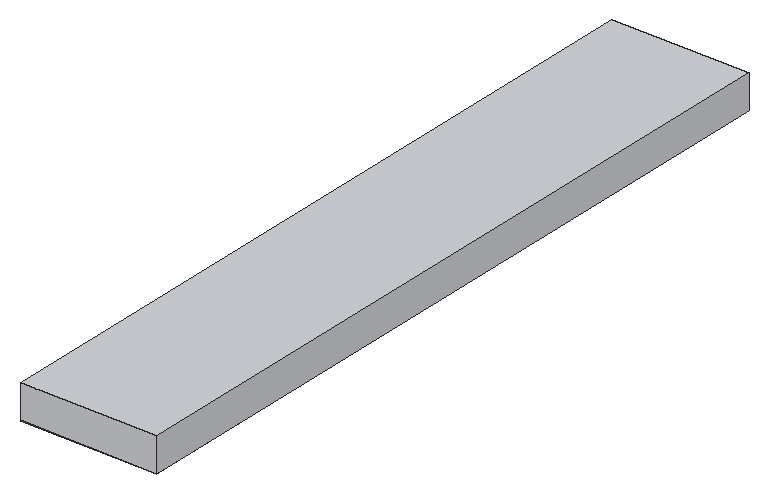
Revit family "ERK9584W_RAD768N", category 照明器具, Revit 2020
Family settings
  丸型コネクタ寸法 = 直径を使用
  パーツ タイプ = 標準
  OmniClass 番号 = 23.80.70.11.14.17
  OmniClass タイトル = Direct/Indirect
  作業面ベース = いいえ
  常に垂直 = はい
  ロード時にボイドで切り取り = はい
  光源 = はい
  共有 = いいえ
  部屋計算ポイント = いいえ
Parameters (values of type "ERK9584W_RAD768N")
  電源種別_記号 = "AC"
  電源種別 = ""
  防災用照明器具電源種別 = ""
  防災用照明器具種類 = ""
  運転質量 = 0.00 kg
  質量 = 0.00 kg
  負荷分類 = 8_照明
  積算_科目2 = "[1_1]照明"
  説明 = "ベースライト 逆富士 40Wタイプ W+230"
  誘導灯形式 = ""
  誘導灯仕様 = ""
  認定番号 = ""
  設置方法 = ""
  記号 = ""
  製造元 = "株式会社遠藤照明"
  製品質量 = 0.00 kg
  製品出荷対象 = ""
  製品リリース年月 = "2023.04"
  製品グループ = ""
  背面形式 = ""
  系統 [instance] = ""
  符号 = ""
  積算_科目 = "1 電灯設備"
  積算_拾い区分 = ""
  種別 [instance] = ""
  相 = 1
  皮相負荷 = 0 VA
  用途 = "E_一般照明"
  特殊仕様 [instance] = ""
  照明制御装置の種類 = ""
  法定耐用年数 = ""
  極数 = 1
  材質_本体 = none
  材質_反射板 = none
  材質_ルーバー = none
  材質_カバー = none
  材質 = ""
  既定の高さ = 0 mm
  形式 = "ベースライト"
  平均演色評価数(Ra) = 82
  定格消費電力 = 15.4 W
  定格入力電流 = 0 A
  定格入力電圧 = 0 V
  定格入力容量 = 0 VA
  定格光束 = 2540 lm
  安定器_蛍光灯 = ""
  安定器_定格電圧 = 0 V
  安定器_入力電流 = 0 A
  安定器_入力電力 = 0 W
  安定器_二次電圧 = 0 V
  埋込高さ = "0"
  埋込穴寸法 = "0"
  固有エネルギー消費効率(lm/W) = 164.9
  器具サイズ = ""
  呼称 = "ベースライト"
  周波数 = 0 Hz
  参照している仕様書等のバージョン = ""
  分類コード = "40305100000000"
  分類グループ = ""
  公共型番 = "LSS10-4-23"
  傾斜角 = 90.00°
  価格 = 23450
  企業コード = "6932"
  付属品 = ""
  仕様書バージョン = ""
  仕様 = ""
  Wattage = 17.0995 W
  built-in parameter 1150110 = 1 (stored number, unit not read)
  built-in parameter 1114217 = 1 (stored number, unit not read)
  built-in parameter 1150109 = 1 (stored number, unit not read)
  built-in parameter 1150134 = 2
  ランプの種類 = "LED"
  ランプ_電流 = 0 A
  ランプ_本数 = 0
  ランプ_定格消費電力 = 0 W
  ランプ_定格消費効率(lm/W) = 0
  ランプ_大きさ = ""
  ランプ_全光束 = 0 lm
  ランプ = "LED"
  モデル = "ERK9584W_RAD768N"
  フォトメトリック Web ファイル = "ERK9584W_RAD768N.IES"
  イメージ(タイプ) = <なし>
  シンボル表示 = yes
  built-in parameter 1150113 = 1 (stored number, unit not read)
  Lumens = 2540 lm
  built-in parameter 1150115 = 1 (stored number, unit not read)
  built-in parameter 1150105 = 202.13 (stored number, unit not read)
  built-in parameter 1150137 = (empty or 0)
  built-in parameter 1150139 = (empty or 0)
  built-in parameter 1150112 = 1 (stored number, unit not read)
  built-in parameter 1150114 = 1 (stored number, unit not read)
  built-in parameter 1150132 = 2
  built-in parameter 1150102 = (empty or 0)
  built-in parameter 1150138 = (empty or 0)
  built-in parameter 1150107 = 5000 (stored number, unit not read)
  built-in parameter 1150106 = 2.0213 (stored number, unit not read)
  built-in parameter 1150104 = 13.8 (stored number, unit not read)
  Dimming Lamp Color Temperature Shift = (empty or 0)
  サービススペース表示 = no
  コメント = ""
  グレア分類 = ""
  Keynote = ""
  Color Filter = 16777215
  built-in parameter 1114218 = 1 (stored number, unit not read)
  built-in parameter 1150133 = 10 (stored number, unit not read)
  カバー形状 = ""
  built-in parameter 1150142 = "IESNA:LM-63-2002\r\n[TEST] ERK9584W_RAD768N  HEC0K01(update:11111111)\r\n[MANUFAC] ENDO LIGHTING CORP.\r\n[LUMCAT] ERK9584W_RAD768N\r\n[LAMP] 40W2500lmÀ²Ìß_SD??°½Þ_5000K 5000K\r\n[LAMPCAT] 40W2500lmÀ²??_SD¼Ø°??_5000K 2589 lm x1 5000K\r\nTILT=NONE\r\n1 2589 1.0 37 19 1 2 0 0 0\r\n1 1 0\r\n0 5 10 15 20 25 30 35 40 45 50 55 60 65 70 75 80 85 90 95 100 105 110 115 120 125 130 135 140 145 150 155 160 165 170 175 180 \r\n0 5 10 15 20 25 30 35 40 45 50 55 60 65 70 75 80 85 90 \r\n785.7506 785.2323 775.7991 760.0427 738.2739 710.7519 678.2023 640.7288 598.2278 552.306 503.8237 452.4182 399.8569 347.6376 297.2325 248.6569 203.9945 164.5723\r\n131.1882 104.1742 83.4005 68.7635 55.9148 42.3305 25.7888 11.3716 2.0746 1.8175 1.7703 2.0195 2.0955 2.2266 2.1296 2.2004 2.3473 2.5021\r\n2.6174\r\n785.7506 784.8177 775.3845 759.628 737.7556 710.4927 677.684 640.1587 597.9687 551.684 503.0359 451.76 399.3075 347.0208 296.5587 247.9779 203.3104 163.8933\r\n130.5144 103.5574 82.877 68.2815 55.4949 41.8583 25.385 11.0482 2.0051 1.807 1.7729 2.0116 2.0969 2.2293 2.1296 2.2057 2.3525 2.5047\r\n2.607\r\n785.7506 784.2994 774.607 759.0061 736.9781 709.5598 676.751 639.1221 596.7765 550.5956 501.8541 450.4486 397.7215 345.2793 294.672 245.9669 201.2009 161.8045\r\n128.5086 101.7174 81.3013 66.9028 54.2458 40.4947 24.2049 10.0935 1.8254 1.7821 1.7756 1.9985 2.0982 2.2306 2.1309 2.2201 2.3617 2.5021\r\n2.586\r\n785.7506 783.781 774.0887 758.1768 736.1488 708.3676 675.6108 637.8263 595.2216 548.8852 499.8898 448.2199 395.2802 342.5531 291.6296 242.6653 197.749 158.3578\r\n125.1914 98.6905 78.7046 64.6586 52.1881 38.2913 22.3218 8.5655 1.6051 1.7572 1.7887 1.9801 2.0969 2.2319 2.1336 2.2345 2.3709 2.4902\r\n2.5702\r\n785.7506 783.2627 773.6741 757.5548 735.2677 707.5902 674.4187 636.2714 593.5112 546.5528 497.2671 445.2034 391.9216 338.8109 287.4987 238.1249 193.0013 153.5686\r\n120.6044 94.5181 75.1802 61.5902 49.3463 35.1836 19.7749 6.6193 1.4844 1.7427 1.8201 1.9683 2.0982 2.2359 2.1401 2.2476 2.3722 2.4811\r\n2.5623\r\n785.7506 782.3298 772.482 756.259 733.8164 706.0353 672.4491 634.4055 591.2825 544.1686 494.3802 441.7929 387.7804 334.1202 282.3208 232.4754 187.0252 147.5096\r\n114.8046 89.2988 70.7953 57.734 45.7793 31.315 16.6656 4.6029 1.4975 1.7336 1.8582 1.967 2.11 2.2398 2.1454 2.2582 2.3683 2.4732\r\n2.5571\r\n785.7506 781.3968 771.4454 754.9115 732.106 703.9102 670.0649 631.6585 588.2245 541.0587 490.9697 437.859 383.1623 328.6625 276.1167 225.7323 179.8623 140.2741\r\n107.937 83.1361 65.633 53.1988 41.4255 26.7777 13.0908 2.7355 1.5225 1.7336 1.8988 1.971 2.1231 2.249 2.148 2.2607 2.367 2.468\r\n2.5585\r\n785.7506 780.7749 770.7716 754.0303 730.8103 702.0962 667.7325 628.6523 584.8555 537.2233 486.7715 433.4016 378.0777 322.7642 269.2181 218.0095 171.6264 131.9346\r\n100.0018 76.1079 59.8487 48.0215 36.3244 21.7947 9.1087 1.6825 1.5461 1.7415 1.9356 1.9814 2.1362 2.2607 2.1519 2.2607 2.367 2.4667\r\n2.5598\r\n785.7506 780.8785 770.6679 753.8748 730.1365 700.7486 665.763 626.009 581.6939 533.4397 482.4488 428.1563 372.3971 316.389 261.8996 209.6182 162.5664 122.7139\r\n91.2684 68.4629 53.5772 42.3564 30.4629 16.6148 5.172 1.4136 1.5683 1.7651 1.9631 2.0011 2.1506 2.2686 2.1571 2.2594 2.3631 2.468\r\n2.561\r\n785.7506 781.034 770.5124 753.4602 729.4627 699.6083 664.0526 623.9357 578.7914 529.9152 477.9862 423.0407 366.2862 309.4126 254.0058 200.61 152.7031 112.6277\r\n81.7471 60.2685 46.9201 36.2456 23.8928 11.3167 2.3408 1.449 1.6024 1.7913 1.9958 2.0195 2.1637 2.2778 2.1664 2.2582 2.3656 2.4706\r\n2.561\r\n785.7506 781.1377 770.4088 753.201 728.6852 698.4162 662.4976 621.707 576.0443 526.598 474.187 418.1893 360.4501 302.4103 245.8632 191.2857 142.2799 101.9558\r\n71.7438 51.8616 39.9831 29.7284 17.2181 5.9926 1.4202 1.474 1.6378 1.8162 2.0339 2.0405 2.1742 2.2883 2.1742 2.2594 2.3656 2.4745\r\n2.5585\r\n785.7506 780.8785 770.2533 752.8382 728.3224 697.3796 660.8909 619.4783 573.2973 523.3327 470.2531 413.8615 355.1012 295.6827 237.6792 181.6349 131.3955 90.7034\r\n61.2896 43.3137 32.7838 22.5287 10.8445 2.1637 1.4189 1.5094 1.6641 1.8438 2.0693 2.068 2.1821 2.3001 2.1834 2.2621 2.3683 2.4784\r\n2.5598\r\n785.7506 780.6194 769.4758 751.9053 727.1303 695.7728 658.9213 617.2496 570.654 520.0674 466.3191 409.5336 349.8819 289.3231 229.775 172.0618 120.3038 79.0467\r\n50.6446 34.8819 25.4664 14.923 4.8651 1.4687 1.453 1.5579 1.6877 1.8778 2.1086 2.0982 2.1899 2.3119 2.1912 2.266 2.367 2.4811\r\n2.5585\r\n785.7506 781.1377 770.2533 751.9053 726.8711 695.41 657.9884 615.7983 568.5807 517.7195 463.3026 405.864 345.4607 283.8913 222.8246 163.1573 109.549 67.3745\r\n40.0878 26.843 18.1096 8.0254 1.731 1.4687 1.4988 1.5933 1.7152 1.9133 2.1388 2.1296 2.1991 2.325 2.2004 2.2726 2.3709 2.4824\r\n2.561\r\n785.7506 782.7444 771.6009 753.0974 727.6486 695.9283 657.9884 615.1246 567.285 515.7551 460.9391 402.7179 341.8171 279.2887 216.8589 155.1702 99.3332 55.8733\r\n29.8067 19.211 10.504 2.5178 1.6261 1.4949 1.5369 1.6365 1.752 1.9447 2.1637 2.1611 2.2122 2.3368 2.2096 2.2791 2.3735 2.4837\r\n2.561\r\n785.7506 783.0036 771.7045 753.0974 727.3894 695.6692 657.9884 615.1246 567.0258 515.0968 459.6278 400.484 338.8264 275.4481 211.9142 148.3908 90.0244 44.8484\r\n20.0506 11.8676 3.9865 1.7048 1.6392 1.5081 1.5893 1.6719 1.769 1.9723 2.1834 2.1912 2.2332 2.3499 2.2188 2.287 2.3775 2.485\r\n2.5623\r\n785.7506 782.8481 771.4454 752.6827 726.8711 694.9954 656.8481 613.8288 565.6782 513.9203 458.3165 399.1727 337.0435 272.8514 208.2032 143.2492 82.6127 35.0001\r\n11.3955 5.1798 1.8097 1.6785 1.6523 1.5736 1.63 1.7048 1.7939 1.9932 2.1991 2.2122 2.2568 2.3604 2.228 2.2961 2.3827 2.4876\r\n2.565\r\n785.7506 781.2932 769.8905 751.2315 725.2644 693.285 655.1377 612.1184 564.1233 511.9507 456.2174 396.8144 334.6696 270.4931 205.4717 139.5899 77.3259 27.5381\r\n4.7078 1.9015 1.8228 1.7703 1.731 1.613 1.6182 1.7218 1.8018 2.0011 2.2057 2.228 2.2752 2.3709 2.2345 2.304 2.3866 2.489\r\n2.5676\r\n785.7506 778.3907 767.1435 748.4845 722.2582 690.538 652.7535 609.7342 561.9983 510.1159 454.253 394.9796 332.897 268.7464 203.8598 138.0039 75.4808 24.7055\r\n1.8097 1.9146 1.8359 1.731 1.6785 1.5999 1.6156 1.7205 1.807 2.0037 2.2109 2.2319 2.2844 2.3762 2.2398 2.308 2.3893 2.489\r\n2.5676\r\n"
  diameter = 0 mm
  Width = 230 mm
  Version = ""
  Uniclass2015Version = ""
  Uniclass2015Title = ""
  Uniclass2015Code = ""
  URL = "https://www.endo-lighting.co.jp/"
  SpecificationReference = ""
  SpecificationDescription = ""
  Revision = ""
  ProductInformation = ""
  OmniClassCode = "23.80.70.11.14.17"
  LED制御装置 = ""
  IfcTypeProduct = ""
  IfcProduct = ""
  IfcExportType = ""
  IfcExportAs = "IfcLightFixtureType"
  Height = 57 mm
  Depth = 1250 mm
  Clearance Top = 0 mm
  Clearance Right = 0 mm
  Clearance Left = 0 mm
  Clearance Front = 0 mm
  Clearance Bottom = 0 mm
  Clearance Back = 0 mm
  Author = "遠藤照明"
Reference planes
  plane 1 "光源軸(正面/背面)": y = 0
  plane 2: z = 0
  plane 3 "光源軸(左/右)": x = 0
  plane 4 "光源高さ": z = -157
  plane 5: x = 115
  plane 6: x = -115
  plane 7: y = 625
  plane 8: y = -625
  plane 9: z = -57
  plane 10: z = 0
  plane 11: z = -59
Forms (mm)
  Extrusion 1, solid
    sketch origin (0, 0, 0) x (1, 0, 0) y (0, 0, 1)
      loop
        line (-115, -57) -> (115, -57) -> (115, 0) -> (-115, 0) -> (-115, -57)
    from 625 to -625
  Extrusion 2, solid, material "発光面"
    sketch origin (0, 0, 0) x (1, 0, 0) y (0, 0, 1)
      loop
        line (-115, -59) -> (115, -59) -> (115, -57) -> (-115, -57) -> (-115, -59)
    from 625 to -625
Lines and regions (mm)
  symbolic lines, detail levels fine
    curve 1: line (115, 625, 0) -> (-115, 625, 0)
    curve 2: line (115, -625, 0) -> (115, 625, 0)
    curve 3: line (-115, 625, 0) -> (-115, -625, 0)
    curve 4: line (-115, -625, 0) -> (115, -625, 0)
Dimensions and locks
  equal spacing: plane 6, plane 3 "光源軸(左/右)", plane 5
  "Width": plane 6 to plane 5
  equal spacing: plane 8, plane 1 "光源軸(正面/背面)", plane 7
  "Depth": plane 8 to plane 7
  "Height": plane 2 to plane 9
  locked: plane 9 to plane 4 "光源高さ" at 100
  locked: plane 9 to plane 11 at 2
  aligned and locked: plane 3 "光源軸(左/右)" to imposter light
  aligned and locked: plane 1 "光源軸(正面/背面)" to imposter light
  aligned and locked: plane 4 "光源高さ" to imposter light
  aligned and locked: level to plane 2
  aligned and locked: plane 6 to Extrusion 1 sketch curve
  aligned and locked: plane 2 to Extrusion 1 sketch curve
  aligned and locked: plane 5 to Extrusion 1 sketch curve
  aligned and locked: plane 7 to Extrusion 1
  aligned and locked: plane 8 to Extrusion 1
  aligned and locked: Extrusion 2 sketch curve to plane 11
  aligned and locked: plane 6 to Extrusion 2 sketch curve
  aligned and locked: Extrusion 2 sketch curve to Extrusion 1  (x2)
  aligned and locked: plane 7 to Extrusion 2
  aligned and locked: plane 8 to Extrusion 2
  aligned and locked: curve 1 to Extrusion 1
  aligned and locked: curve 2 to Extrusion 1
  aligned and locked: curve 3 to Extrusion 1
  aligned and locked: curve 4 to Extrusion 1
Automatic sketch dimensions
  Extrusion 1 sketch curve to plane 9 = 0 mm
Nested families
  nested 1: "symbol_line" at (0, 0, 0) x (0, -1, 0) z (0, 0, 1), visible <- "シンボル表示", type "1/100", detail levels coarse+medium
Connectors
  electrical at (0, 0, 0), driven by "極数", driven by "負荷分類", driven by "定格入力電圧", driven by "皮相負荷"
    settings: on Extrusion 1, index 1, voltage 0 V, apparent load 0 VA, apparent load phase1 0 VA, apparent load phase2 0 VA, apparent load phase3 0 VA, power factor 1, load classification "8_照明", number of poles 1, system type 30, power factor state 1, is connector primary yes, connector utility no, sub classification motor no, connector description ""
Definition of nested family "symbol_line"
  Parameters (values of type "1/100")
    縮尺倍率 = if([縮尺1/50], 1.25, if([縮尺1/100], 1, if([縮尺1/200], 0.8, 0)))  # 1
    縮尺1/50 = no
    縮尺1/200 = no
    縮尺1/100 = yes
    W = 12 mm * 縮尺倍率  # 12 mm
    D = 1.5 mm * 縮尺倍率  # 1.5 mm
  Reference planes
    plane 1: y = 0
    plane 2: x = 0
  Lines and regions (mm)
    Masking region 1
      outline origin (0, 0, 0) x (1, 0, 0) y (0, 1, 0)
        loop
          line (-6, 0.75) -> (-6, -0.75) -> (6, -0.75) -> (6, 0.75) -> (-6, 0.75)
    reference lines
      curve 1: line (-304.8, 0.75, 0) -> (304.8, 0.75, 0)
      curve 2: line (304.8, -0.75, 0) -> (-304.8, -0.75, 0)
      curve 3: line (-6, -304.8, 0) -> (-6, 304.8, 0)
      curve 4: line (6, 304.8, 0) -> (6, -304.8, 0)
      curve 5: line (-6, 0.75, 0) -> (6, 0.75, 0)
      curve 6: line (-6, -0.75, 0) -> (-6, 0.75, 0)
      curve 7: line (6, 0.75, 0) -> (6, -0.75, 0)
    detail lines
      curve 8: line (-6, 0.75, 0) -> (6, 0.75, 0)
      curve 9: line (-6, -0.75, 0) -> (-6, 0.75, 0)
      curve 10: line (6, 0.75, 0) -> (6, -0.75, 0)
      curve 11: line (6, -0.75, 0) -> (-6, -0.75, 0)
  Dimensions and locks
    equal spacing: curve 2, plane 1, curve 1, locked at 0.75 each
    equal spacing: curve 3, plane 2, curve 4, locked at 6 each
    "W": curve 3 to curve 4
    "D": curve 2 to curve 1
    aligned and locked: curve 1 to curve 5
    aligned and locked: curve 3 to curve 6
    aligned and locked: curve 4 to curve 7
    aligned and locked: curve 9 to curve 6
    aligned and locked: curve 10 to curve 7
    aligned and locked: curve 1 to curve 8
    aligned and locked: curve 2 to curve 11
    aligned and locked: Masking region 1 sketch curve to curve 8
    aligned and locked: Masking region 1 sketch curve to curve 10
    aligned and locked: Masking region 1 sketch curve to curve 11
    aligned and locked: Masking region 1 sketch curve to curve 9
  Automatic sketch dimensions
    curve 1 to curve 5 = 298.8 mm
    curve 2 to curve 1 = 0 mm  (x2)
    curve 5 to curve 1 = 298.8 mm
    curve 4 to curve 7 = 304.05 mm
    curve 3 to curve 4 = 0 mm  (x2)
    curve 5 to curve 3 = 304.05 mm
